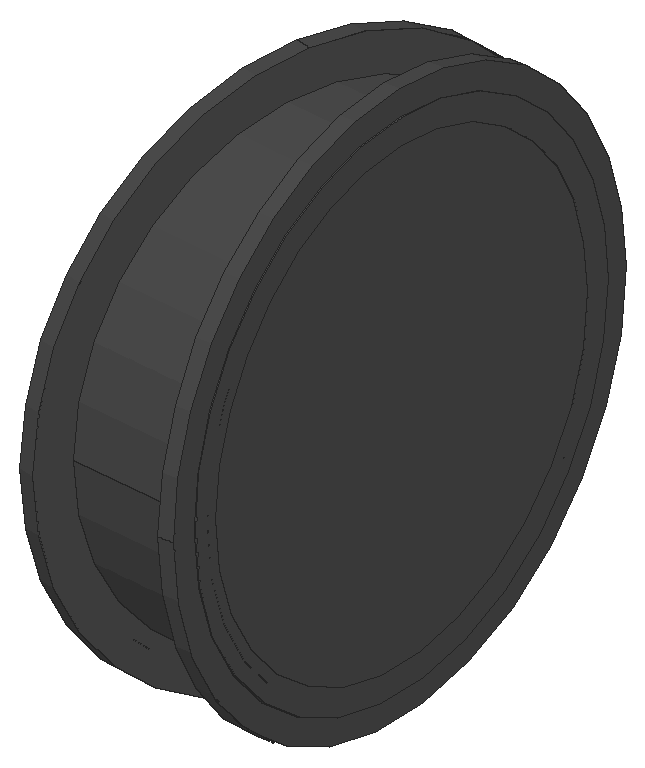
Revit family "FoFo_FF_Curva11", category Pipe Fittings, Revit 2025
Family settings
  Round Connector Dimension = Use Radius
  Part Type = Elbow
  OmniClass Number = 23.60.30.11.14
  OmniClass Title = Pipework Fittings
  Work Plane-Based = Yes
  Always vertical = No
  Cut with Voids When Loaded = No
  Shared = Yes
Parameters (values of type "C11F_1200")
  PN = "10"
  Material_Conexao = FOFO
  Manufacturer = "SGC"
  Loss Method = K Coefficient from Table
  K Coefficient Table = "Tee"
  Junta_1_Tipo = FoFo_FF_Junta : FLA_10_1200
  Description = "Curva 11"
  Default Elevation = 0.0 mm
  DN = "600"
  Corpo_R = Corpo_L / tan(5.6250°)  # 1522.976 mm
  Corpo_L = 150.0 mm
  Corpo_RE1 = 0.5 * Corpo_DE  # 627.5 mm
  Corpo_DE = 1255.0 mm
Types (16, lengths in mm): name | PN | Junta_1_Tipo | DN | Corpo_R | Corpo_L | Corpo_RE1 | Corpo_DE
  C11F_1200 | "10" | FoFo_FF_Junta : FLA_10_1200 | "600" | 1522.976 | 150.0 | 627.5 | 1255.0
  C11F_1000 | "" | FoFo_FF_Junta : FLA_10_0050 | "500" | 1319.912 | 130.0 | 524.0 | 1048.0
  C11F_0900 | "" | FoFo_FF_Junta : FLA_10_0050 | "450" | 1218.38 | 120.0 | 472.5 | 945.0
  C11F_0800 | "" | FoFo_FF_Junta : FLA_10_0050 | "400" | 1116.849 | 110.0 | 421.0 | 842.0
  C11F_0700 | "" | FoFo_FF_Junta : FLA_10_0050 | "350" | 964.551 | 95.0 | 369.0 | 738.0
  C11F_0600 | "" | FoFo_FF_Junta : FLA_10_0050 | "600" | 863.019 | 85.0 | 317.5 | 635.0
  C11F_0500 | "" | FoFo_FF_Junta : FLA_10_0050 | "500" | 761.488 | 75.0 | 266.0 | 532.0
  C11F_0450 | "" | FoFo_FF_Junta : FLA_10_0050 | "450" | 710.722 | 70.0 | 240.0 | 480.0
  C11F_0400 | "" | FoFo_FF_Junta : FLA_10_0050 | "400" | 659.956 | 65.0 | 214.5 | 429.0
  C11F_0350 | "" | FoFo_FF_Junta : FLA_10_0050 | "350" | 609.19 | 60.0 | 189.0 | 378.0
  C11F_0300 | "" | FoFo_FF_Junta : FLA_10_0050 | "300" | 558.424 | 55.0 | 163.0 | 326.0
  C11F_0250 | "" | FoFo_FF_Junta : FLA_10_0050 | "250" | 507.659 | 50.0 | 137.0 | 274.0
  C11F_0200 | "" | FoFo_FF_Junta : FLA_10_0050 | "200" | 406.127 | 40.0 | 111.0 | 222.0
  C11F_0150 | "" | FoFo_FF_Junta : FLA_10_0050 | "150" | 355.361 | 35.0 | 85.0 | 170.0
  C11F_0100 | "" | FoFo_FF_Junta : FLA_10_0050 | "100" | 304.595 | 30.0 | 59.0 | 118.0
  C11F_0080 | "" | FoFo_FF_Junta : FLA_10_0050 | "80" | 304.595 | 30.0 | 49.0 | 98.0
Reference planes
  plane 1 "EixoP": y = 205.208
  plane 2: z = 0
  plane 3 "EixoS": x = 434.476
  plane 4: y = 1728.184
  plane 5: x = 584.476
Forms (mm)
  Sweep 1, solid, material "FOFO" <- "Material_Conexao"
    path origin (0, 0, 0) x (1, 0, 0) y (0, 1, 0)
      loop
        arc (584.476, 205.208) -> (435.198, 212.542) -> (287.358, 234.472) r 1522.976
    profile origin (435.198, 212.542, 0) x (-0.098017, -0.995185, 0) y (0, 0, 1)
      loop
        circle (0, 0) r 627.5
Lines and regions (mm)
  model lines, style "PipeFittingCenterLine"
    curve 1: line (398.49, 413.44, -189) -> (398.49, 413.44, 189)
    curve 4: line (287.358, 234.472, 0) -> (434.476, 205.208, 0)
    curve 5: line (434.476, 205.208, 0) -> (584.476, 205.208, 0)
  reference lines
    curve 2: line (434.476, 205.208, 0) -> (287.358, 234.472, 0)
    curve 3: line (434.476, 205.208, 0) -> (584.476, 205.208, 0)
Dimensions and locks
  "Corpo_L": plane 5 to plane 3 "EixoS"
  "Corpo_R": plane 4 to plane 1 "EixoP"
  "Corpo_L": curve 2 to curve 2
  "Corpo_L": curve 3 to curve 3
  "Corpo_DE": diameter of Sweep 1 sketch curve
  locked: plane 5 to plane 1 "EixoP" (angle 90.0000°)
  locked: Sweep 1 sketch curve to Sweep 1 sketch curve (angle 11.2500°)
  locked: plane 1 "EixoP" to curve 2 (angle 168.7500°)
  aligned and locked: plane 5 to Sweep 1 sketch curve
  aligned and locked: plane 3 "EixoS" to curve 3
  aligned and locked: curve 3 to plane 1 "EixoP"
  aligned and locked: Sweep 1 to curve 2
  aligned and locked: Sweep 1 to curve 4
  aligned and locked: curve 4 to curve 2
  aligned and locked: curve 5 to plane 1 "EixoP"
Automatic sketch dimensions
  curve 1 to level = 189.0 mm
  level to curve 1 = 189.0 mm
  plane 1 "EixoP" to Sweep 1 sketch curve = 0.0 mm
  Sweep 1 sketch curve to plane 4 = 0.0 mm
  curve 5 to plane 5 = 0.0 mm
  plane 1 "EixoP" to curve 3 = 0.0 mm
  level to Sweep 1 sketch curve = 0.0 mm
  Sweep 1 sketch curve to profile plane = 0.0 mm
Nested families
  nested 1: "FoFo_FF_Junta" at (584.476, 205.208, 0) x (0, 1, 0) z (1, 0, 0), type <- "Junta_1_Tipo", type "FLA_10_1200"
    with Furo_V 686.677 mm, Flange_RT 627.5 mm, Flange_RL 600.0 mm, Flange_RG 664.0 mm, Flange_RF 690.0 mm, Flange_RD 727.5 mm, Furo_Quant 32, Flange_MA 5.6250°, Furo_H 67.632 mm, Flange_Diam_Resalto 1328.0 mm, Furo_Raio 18.0 mm, Furo_Diam 36.0 mm, Flange_Diam_Livre 1200.0 mm, Flange_Diam_Furacao 1380.0 mm, Flange_Diam_Tubo 1255.0 mm, Flange_Diam_Externo 1455.0 mm, Flange_Resalto 5.0 mm, Flange_Altura 40.0 mm
  nested 2: "FoFo_FF_Junta" at (287.358, 234.472, 0) x (0, 0, 1) z (-0.9808, 0.1951, 0), type <- "Junta_1_Tipo", type "FLA_10_1200"
    with Furo_V 686.677 mm, Flange_RT 627.5 mm, Flange_RL 600.0 mm, Flange_RG 664.0 mm, Flange_RF 690.0 mm, Flange_RD 727.5 mm, Furo_Quant 32, Flange_MA 5.6250°, Furo_H 67.632 mm, Flange_Diam_Resalto 1328.0 mm, Furo_Raio 18.0 mm, Furo_Diam 36.0 mm, Flange_Diam_Livre 1200.0 mm, Flange_Diam_Furacao 1380.0 mm, Flange_Diam_Tubo 1255.0 mm, Flange_Diam_Externo 1455.0 mm, Flange_Resalto 5.0 mm, Flange_Altura 40.0 mm
Connectors
  piping at (584.476, 205.208, 0), diameter 1255, driven by "Corpo_RE1"
    settings: on Sweep 1, index 1, connector inside diameter 24", connector length 0.0 mm, flow factor 0, pipe flow 0 GPM, pressure drop 0.00 psi, fitting loss kfactor 0, connector angle 0.0000°, fixture units 0, engagement length 0.0 mm, angle of deflection 0.0000°, flow configuration 0, flow direction 0, fitting loss method 0, system type 7, joint type 0, gender type 0, connector reference index -1, connector utility 0, adjustable connector no, is connector primary yes, connector description ""
  piping at (287.358, 234.472, 0), diameter 1255, driven by "Corpo_RE1"
    settings: on Sweep 1, index 2, connector inside diameter 24", connector length 0.0 mm, flow factor 0, pipe flow 0 GPM, pressure drop 0.00 psi, fitting loss kfactor 0, connector angle 0.0000°, fixture units 0, engagement length 0.0 mm, angle of deflection 0.0000°, flow configuration 0, flow direction 0, fitting loss method 0, system type 7, joint type 0, gender type 0, connector reference index -1, connector utility 0, adjustable connector no, is connector primary no, connector description ""
Definition of nested family "FoFo_FF_Junta"
  Parameters (values of type "FLA_10_0080")
    PN = "10"
    Material_Conexao = none
    Manufacturer = "SGC"
    Furo_V = Flange_RF * cos(Flange_MA)  # 73.91 mm
    Flange_RT = 0.5 * Flange_Diam_Tubo  # 49.0 mm
    Flange_RL = 0.5 * Flange_Diam_Livre  # 40.0 mm
    Flange_RG = 0.5 * Flange_Diam_Resalto  # 66.0 mm
    Flange_RF = 0.5 * Flange_Diam_Furacao  # 80.0 mm
    Flange_RD = 0.5 * Flange_Diam_Externo  # 100.0 mm
    Furo_Quant = 8
    Flange_MA = 0.5 * (360.0000° / Furo_Quant)  # 22.5000°
    Furo_H = Flange_RF * sin(Flange_MA)  # 30.615 mm
    Flange_Diam_Resalto = 132.0 mm
    Furo_Raio = 0.5 * Furo_Diam  # 8.0 mm
    Furo_Diam = 16.0 mm
    Flange_Diam_Livre = 80.0 mm
    Flange_Diam_Furacao = 160.0 mm
    Flange_Diam_Tubo = 98.0 mm
    Flange_Diam_Externo = 200.0 mm
    Flange_Resalto = 3.0 mm
    Flange_Altura = 19.0 mm
    Description = "Flange"
    Default Elevation = 0.0 mm
    DN = "80"
  Reference planes
    plane 1 "Centro (Frente/Trás)": y = 0
    plane 2: z = 0
    plane 3 "Centro (Esquerda/Direita)": x = 0
    plane 4: z = -3
    plane 5: z = -22
  Forms (mm)
    Extrusion 1, solid
      sketch origin (0, 0, 0) x (1, 0, 0) y (0, 1, 0)
        loop
          circle (0, 0) r 100
      from -22 to -3
    Extrusion 2, solid
      sketch origin (0, 0, 0) x (1, 0, 0) y (0, 1, 0)
        loop
          circle (0, 0) r 66
      from 0 to -3
    Extrusion 3, void
      sketch origin (0, 0, 0) x (1, 0, 0) y (0, 1, 0)
        loop
          circle (0, 0) r 40
      from 0 to -22
  Cuts and joins
    Extrusion 3 cuts Extrusion 1
    Extrusion 3 cuts Extrusion 2
    joined: Extrusion 1, Extrusion 2
  Lines and regions (mm)
    model lines
      curve 1: line (-40, 0, 0) -> (40, 0, 0)
      curve 2: line (0, 40, 0) -> (0, -40, 0)
  Dimensions and locks
    "Flange_Resalto": plane 2 to plane 4
    "Flange_Altura": plane 4 to plane 5
    "Flange_RD": radius of Extrusion 1 sketch curve
    "Flange_RG": radius of Extrusion 2 sketch curve
    "Flange_RL": radius of Extrusion 3 sketch curve
    aligned and locked: plane 2 to level
    aligned and locked: Extrusion 1 to plane 5
    aligned and locked: Extrusion 1 to Extrusion 3
    aligned and locked: cut or joined group of Extrusion 1, Extrusion 2, Extrusion 3 to plane 4
    aligned and locked: plane 4 to cut or joined group of Extrusion 1, Extrusion 2, Extrusion 3
  Automatic sketch dimensions
    plane 1 "Centro (Frente/Trás)" to curve 1 = 0.0 mm
    curve 1 to plane 3 "Centro (Esquerda/Direita)" = 40.0 mm
    plane 3 "Centro (Esquerda/Direita)" to curve 1 = 40.0 mm
    plane 1 "Centro (Frente/Trás)" to curve 2 = 40.0 mm
    curve 2 to plane 1 "Centro (Frente/Trás)" = 40.0 mm
    curve 2 to plane 3 "Centro (Esquerda/Direita)" = 0.0 mm
    plane 1 "Centro (Frente/Trás)" to Extrusion 1 sketch curve = 0.0 mm
    Extrusion 1 sketch curve to plane 3 "Centro (Esquerda/Direita)" = 0.0 mm
    plane 1 "Centro (Frente/Trás)" to Extrusion 2 sketch curve = 0.0 mm
    Extrusion 2 sketch curve to plane 3 "Centro (Esquerda/Direita)" = 0.0 mm
    plane 1 "Centro (Frente/Trás)" to Extrusion 3 sketch curve = 0.0 mm
    Extrusion 3 sketch curve to plane 3 "Centro (Esquerda/Direita)" = 0.0 mm
